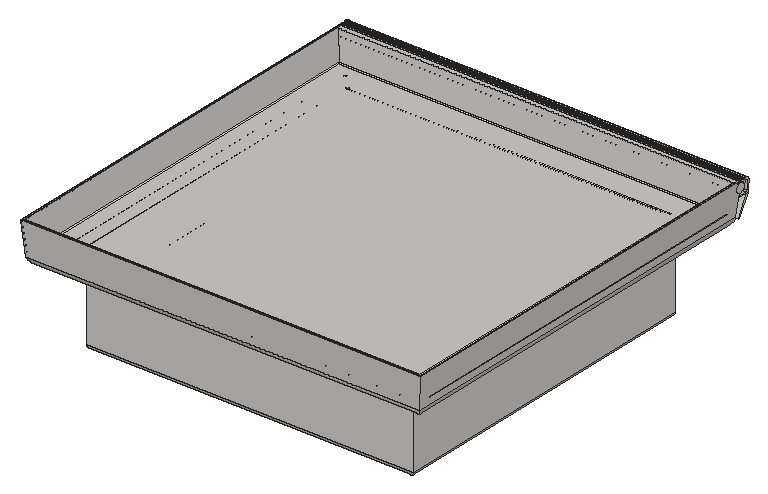
Revit family "NLRS_33_GM_FB_TC_STORAX_vloerluik_BV-GD-F90_BCB", category Generic Models, host Face, Revit 2014
Parameters (values of type "BV-GD-F90 66")
  vullen_met_beton = "ja"  # constant formula
  vergrendeling = "nee"  # constant formula
  uitwendige_lengte = 752 mm
  uitwendige_breedte = 735 mm
  sluiting = "0"  # constant formula
  scharnierend = "ja"  # constant formula
  rubberen_afdichting = "enkel"  # constant formula
  productgroep = "Vloerluiken"  # constant formula
  materiaal = bcb_staal
  inbouwhoogte [instance] = 75 mm
  geïsoleerd = "ja"  # constant formula
  gewicht = "32"
  gasveer 2 = no
  gasdrukveer = "ja"  # constant formula
  brandwerend 90 min = "ja"  # constant formula
  binnenmaat_lengte = uitwendige_lengte - 152 mm  # 600 mm
  binnenmaat_breedte = uitwendige_breedte - 135 mm  # 600 mm
  binnenluik = "tbv betonvulling"  # constant formula
  belasting = "125 kN"  # constant formula
  URL = ""
  Model = "BV"  # constant formula
  Manufacturer = "Storax"  # constant formula
  Default Elevation = 0 mm  # constant formula
Types (8, lengths in mm): name | uitwendige_lengte | uitwendige_breedte | gewicht | gasveer 2 | binnenmaat_lengte | binnenmaat_breedte
  (no name) | 752 | 735 | "32" | no | 600 | 600
  BV-GD-F90 66 | 752 | 735 | "32" | no | 600 | 600
  BV-GD-F90 86 | 752 | 935 | "39" | yes | 600 | 800
  BV-GD-F90 88 | 952 | 935 | "45" | yes | 800 | 800
  BV-GD-F90 106 | 752 | 1135 | "46" | yes | 600 | 1000
  BV-GD-F90 108 | 952 | 1135 | "51" | yes | 800 | 1000
  BV-GD-F90 110 | 952 | 1135 | "58" | yes | 800 | 1000
  maatwerk | 752 | 735 | "0" | yes | 600 | 600
Reference planes
  plane 1 "Center (Front/Back)": y = 0
  plane 2: z = 0
  plane 3 "Center (Left/Right)": x = 0
  plane 4: y = 367.5
  plane 5: y = -367.5
  plane 6: x = 367.5
  plane 7: x = -367.5
  plane 8: z = -75
  plane 9: x = -325.5
  plane 10: y = 325.5
  plane 11: y = -325.5
  plane 12: x = 325.5
  plane 13: x = -205.5
  plane 14: x = 205.5
  plane 15: y = -205.5
  plane 16: y = 205.5
  plane 17 "o.k. luik": z = -53.988
  plane 18: y = 300
  plane 19: x = -299.5
  plane 20: x = 299.5
  plane 21: y = 365.4
  plane 22: y = 360.5
  plane 23: y = 384.5
  plane 24: x = -296.9
  plane 25: x = 296.9
  plane 26: y = -295.4
  plane 27: y = 297.4
  plane 28: x = -216
  plane 29: x = 216
Forms (mm)
  Sweep 1, solid, material "bcb_staal" <- "materiaal", detail levels medium+fine
    path origin (0, 0, 0) x (1, 0, 0) y (0, 1, 0)
      loop
        line (-367.5, 367.5) -> (-367.5, -367.5) -> (367.5, -367.5) -> (367.5, 367.5) -> (-367.5, 367.5)
    profile origin (-367.5, 0, 0) x (-1, 0, 0) y (0, 0, 1)
      loop
        line (0, 0) -> (-2.01, 0) -> (-8.062, -60.739)
        arc (-8.062, -60.739) -> (-19.025, -71.913) -> (-32.302, -63.62) r 12.5
        line (-32.302, -63.62) -> (-34.724, -56.679)
        arc (-34.724, -56.679) -> (-38.41, -54.001) -> (-42.212, -56.51) r 4
        line (-42.212, -56.51) -> (-44.362, -61.868)
        arc (-44.362, -61.868) -> (-48.269, -64.946) -> (-52.899, -63.13) r 5
        line (-52.899, -63.13) -> (-56.64, -57.982)
        arc (-56.64, -57.982) -> (-63.349, -55.792) -> (-67.5, -61.5) r 6
        line (-67.5, -61.5) -> (-67.5, -75) -> (-65.5, -75) -> (-65.5, -61.5)
        arc (-65.5, -61.5) -> (-62.734, -57.695) -> (-58.262, -59.152) r 4
        line (-58.262, -59.152) -> (-54.667, -64.109)
        arc (-54.667, -64.109) -> (-48.142, -66.947) -> (-42.504, -62.607) r 7
        line (-42.504, -62.607) -> (-40.356, -57.255)
        arc (-40.356, -57.255) -> (-38.451, -56.001) -> (-36.61, -57.346) r 2
        line (-36.61, -57.346) -> (-34.19, -64.279)
        arc (-34.19, -64.279) -> (-18.789, -73.899) -> (-6.071, -60.938) r 14.5
        line (-6.071, -60.938) -> (0, 0)
  Sweep 2, solid, material "bcb_staal" <- "materiaal", detail levels medium+fine
    path origin (0, 0, 0) x (1, 0, 0) y (0, 1, 0)
      loop
        line (-367.5, 360.5) -> (-367.5, -367.5) -> (367.5, -367.5) -> (367.5, 360.5) -> (-367.5, 360.5)
    profile origin (-367.5, -3.5, 0) x (-1, 0, 0) y (0, 0, 1)
      loop
        line (-10.487, -50.628) -> (-2.484, 0) -> (-4.5, 0) -> (-12.438, -50.313)
        arc (-12.438, -50.313) -> (-13.121, -51.538) -> (-14.437, -52.024) r 2.024
        line (-14.437, -52.024) -> (-67.5, -52.024) -> (-67.5, -53.988) -> (-14.751, -53.988)
        arc (-14.751, -53.988) -> (-11.962, -53.142) -> (-10.487, -50.628) r 4
  Sweep 3, solid, material "bcb_staal" <- "materiaal", detail levels coarse
    path origin (0, 0, 0) x (1, 0, 0) y (0, 1, 0)
      loop
        line (-367.5, 360.5) -> (-367.5, -367.5) -> (367.5, -367.5) -> (367.5, 360.5) -> (-367.5, 360.5)
    profile origin (-367.5, -3.5, 0) x (-1, 0, 0) y (0, 0, 1)
      loop
        line (0, 0) -> (-4.5, 0) -> (-12.74, -52.024) -> (-67.5, -52.024) -> (-67.5, -75) -> (-7.473, -75) -> (0, 0)
  Extrusion 4, solid, material "bcb_staal" <- "materiaal", detail levels medium+fine
    sketch origin (0, 0, 0) x (1, 0, 0) y (0, 1, 0)
      loop
        line (-300, 300) -> (-300, -300) -> (300, -300) -> (300, 300) -> (-300, 300)
    from -53.988 to -52
  Extrusion 5, solid, material "bcb_staal" <- "materiaal", detail levels coarse
    sketch origin (0, 0, 0) x (1, 0, 0) y (0, 1, 0)
      loop
        line (-300, 293) -> (-300, -300) -> (300, -300) -> (300, 293) -> (-300, 293)
    from -75 to -52.024
  Extrusion 6, void
    sketch origin (0, 0, 0) x (1, 0, 0) y (0, 1, 0)
      loop
        line (-205.5, -205.5) -> (205.5, -205.5) -> (205.5, 205.5) -> (-205.5, 205.5) -> (-205.5, -205.5)
    from -500 to 10
  Sweep 7, void
    path origin (0, 0, 0) x (1, 0, 0) y (0, 1, 0)
      loop
        line (-367.5, 367.5) -> (-367.5, -367.5) -> (367.5, -367.5) -> (367.5, 367.5) -> (-367.5, 367.5)
    profile origin (-367.5, 0, 0) x (-1, 0, 0) y (0, 0, 1)
      loop
        line (0.498, 5) -> (-162, 5) -> (-162, -365) -> (-65.5, -365) -> (-65.5, -75) -> (-7.473, -75) -> (0.498, 5)
  Extrusion 8, solid, material "bcb_staal" <- "materiaal", detail levels medium+fine
    sketch origin (0, 0, 0) x (0, 1, 0) y (0, 0, 1)
      loop
        line (379.61, 0) -> (377.11, 0) -> (377.11, -2) -> (379.61, -2)
        arc (379.61, -2) -> (381.378, -2.732) -> (382.11, -4.5) r 2.5
        line (382.11, -4.5) -> (382.11, -21.5)
        arc (382.11, -21.5) -> (381.378, -23.268) -> (379.61, -24) r 2.5
        line (379.61, -24) -> (365.11, -24) -> (365.11, -26) -> (379.61, -26)
        arc (379.61, -26) -> (382.792, -24.682) -> (384.11, -21.5) r 4.5
        line (384.11, -21.5) -> (384.11, -4.5)
        arc (384.11, -4.5) -> (382.792, -1.318) -> (379.61, 0) r 4.5
    from -367.5 to 367.5
  Extrusion 9, solid, material "bcb_staal" <- "materiaal", detail levels medium+fine
    sketch origin (0, 0, 0) x (0, 1, 0) y (0, 0, 1)
      loop
        line (361.507, -60.04) -> (363.234, -61.048) -> (383.411, -26.51) -> (383.411, -23.909)
        arc (383.411, -23.909) -> (382.649, -24.819) -> (381.676, -25.498) r 4.5
        line (381.676, -25.498) -> (361.507, -60.04)
    from -367.5 to 367.5
  Extrusion 10, solid, material "bcb_staal" <- "materiaal", detail levels medium+fine
    sketch origin (0, 0, 0) x (0, 1, 0) y (0, 0, 1)
      loop
        circle (365.4, -11) r 8
    from -367.5 to 367.5
  Extrusion 11, solid, material "bcb_staal" <- "materiaal", detail levels coarse
    sketch origin (0, 0, -2) x (0, 1, 0) y (0, 0, 1)
      loop
        line (363.234, -61.048) -> (384.11, -25.313) -> (384.11, 2) -> (354.11, 2) -> (354.11, -73) -> (360.226, -73) -> (361.417, -61.048) -> (363.234, -61.048)
    from -367.5 to 367.5
  Sweep 12, void
    path origin (0, 0, 0) x (1, 0, 0) y (0, 1, 0)
      loop
        line (-367.5, 367.5) -> (367.5, 367.5)
    profile origin (0, 367.5, 0) x (0, 1, 0) y (0, 0, 1)
      loop
        line (16.61, 2) -> (-13.39, 2) -> (-13.39, -75) -> (-7.473, -75) -> (-6.083, -61.048) -> (-4.266, -61.048) -> (16.61, -25.313) -> (16.61, 2)
  Extrusion 13, solid, material "bcb_staal" <- "materiaal", detail levels medium+fine
    sketch origin (0, 0, 0) x (0, 1, 0) y (0, 0, 1)
      loop
        arc (370.504, -2) -> (372.979, -3.025) -> (374.004, -5.5) r 3.5
        line (374.004, -5.5) -> (374.004, -7) -> (376.004, -7) -> (376.004, -5.5)
        arc (376.004, -5.5) -> (374.393, -1.611) -> (370.504, 0) r 5.5
        line (370.504, 0) -> (356, 0) -> (355.683, -2) -> (370.504, -2)
    from -367.5 to 367.5
  Extrusion 14, solid, material "bcb_houtvezel"
    sketch origin (0, 0, 0) x (1, 0, 0) y (0, 1, 0)
      loop
        line (-296.9, 297.401) -> (-296.9, -295.4) -> (296.9, -295.4) -> (296.9, 297.401) -> (-296.9, 297.401)
    from -215 to -195
  Sweep 15, solid, material "bcb_staal" <- "materiaal"
    path origin (0, 0, 0) x (1, 0, 0) y (0, 1, 0)
      loop
        line (-367.5, 367.5) -> (-367.5, -367.5) -> (367.5, -367.5) -> (367.5, 367.5) -> (-367.5, 367.5)
    profile origin (-367.5, 0, 0) x (-1, 0, 0) y (0, 0, 1)
      loop
        line (-67.5, -212) -> (-67.5, -60) -> (-69.5, -60) -> (-69.5, -212)
        arc (-69.5, -212) -> (-70.379, -214.121) -> (-72.5, -215) r 3
        line (-72.5, -215) -> (-94.5, -215) -> (-94.5, -217) -> (-72.5, -217)
        arc (-72.5, -217) -> (-68.964, -215.536) -> (-67.5, -212) r 5
Cuts and joins
  joined: Sweep 2, Extrusion 4, Extrusion 13
  joined: Sweep 3, Extrusion 5
Text (mm)
  text "Indien u deze familie geopend hebt vanuit het project via Edit Family: Niet Opslaan!\n\nOpen de familie via File - Open Family om de familie aan te passen.\n\n\n\nMocht u zelf aanpassingen willen aanbrengen in een type van de family, \n\npak dan het type maatwerk en neem contact op met Storax." at (-0.374, 589.999, 0), in view "Ref. Level"
Dimensions and locks
  equal spacing: plane 7, plane 3 "Center (Left/Right)", plane 6
  "uitwendige_breedte": plane 7 to plane 6
  equal spacing: plane 4, plane 1 "Center (Front/Back)", plane 5
  locked: plane 4 to plane 10 at 42
  locked: plane 7 to plane 9 at 42
  locked: plane 12 to plane 6 at 42
  locked: plane 5 to plane 11 at 42
  locked: plane 9 to plane 13 at 120
  locked: plane 14 to plane 12 at 120
  locked: plane 15 to plane 11 at 120
  locked: plane 10 to plane 16 at 120
  locked: plane 10 to plane 18 at 25.5
  locked: plane 9 to plane 19 at 26
  locked: plane 20 to plane 12 at 26
  locked: plane 4 to plane 22 at 7
  locked: plane 23 to plane 4 at 17
  "uitwendige_lengte": plane 23 to plane 5
  locked: plane 19 to plane 24 at 2.6
  locked: plane 25 to plane 20 at 2.6
  locked: plane 11 to plane 26 at 30.1
  locked: plane 18 to plane 27 at 2.6
  locked: plane 24 to plane 28 at 80.9
  locked: plane 29 to plane 25 at 80.9
  locked: plane 22 to plane 21 at 4.9
  aligned and locked: plane 2 to host face
  aligned and locked: level to host face
  aligned and locked: Sweep 1 sketch curve to plane 4
  aligned and locked: plane 7 to Sweep 1 sketch curve
  aligned and locked: plane 5 to Sweep 1 sketch curve
  aligned and locked: Sweep 1 sketch curve to plane 6
  aligned and locked: Sweep 2 sketch curve to Sweep 1  (x2)
  aligned and locked: Sweep 1 to Sweep 2 sketch curve
  aligned and locked: Sweep 3 sketch curve to Sweep 1  (x2)
  aligned and locked: Sweep 1 to Sweep 3 sketch curve
  aligned and locked: Extrusion 4 sketch curve to Sweep 1  (x4)
  aligned and locked: Extrusion 5 sketch curve to Sweep 3  (x2)
  aligned and locked: Extrusion 5 sketch curve to Sweep 1
  aligned and locked: Sweep 1 to Extrusion 5 sketch curve
  aligned and locked: Extrusion 6 to plane 16
  aligned and locked: Extrusion 6 to plane 14
  aligned and locked: Extrusion 6 to plane 15
  aligned and locked: Extrusion 6 to plane 13
  aligned and locked: Sweep 7 sketch curve to plane 4
  aligned and locked: Sweep 7 sketch curve to plane 6
  aligned and locked: plane 5 to Sweep 7 sketch curve
  aligned and locked: plane 7 to Sweep 7 sketch curve
  aligned and locked: plane 7 to Sweep 12 sketch curve
  aligned and locked: plane 6 to Sweep 12 sketch curve
  aligned and locked: Sweep 2 sketch curve to plane 22
  aligned and locked: Sweep 3 sketch curve to plane 22
  aligned and locked: cut or joined group of Sweep 2, Extrusion 4, Extrusion 13 to plane 7
  aligned and locked: plane 6 to cut or joined group of Sweep 2, Extrusion 4, Extrusion 13
  aligned and locked: plane 6 to Extrusion 10
  aligned and locked: plane 6 to Extrusion 8
  aligned and locked: plane 6 to Extrusion 9
  aligned and locked: Extrusion 8 to plane 7
  aligned and locked: Extrusion 10 to plane 7
  aligned and locked: Extrusion 9 to plane 7
  aligned and locked: Extrusion 11 to plane 7
  aligned and locked: plane 6 to Extrusion 11
  aligned and locked: Extrusion 14 sketch curve to plane 26
  aligned and locked: plane 25 to Extrusion 14 sketch curve
  aligned and locked: plane 24 to Extrusion 14 sketch curve
  aligned and locked: Sweep 15 sketch curve to Extrusion 11
  aligned and locked: Sweep 15 sketch curve to Sweep 1  (x2)
  aligned and locked: Sweep 15 sketch curve to plane 4
  aligned and locked: nested 1 to Sweep 15
  aligned and locked: plane 28 to nested 1
  aligned and locked: nested 2 to plane 29
  aligned and locked: Sweep 15 to nested 2
Automatic sketch dimensions
  host sketch curve to host sketch curve = 2000 mm  (x2)
  Sweep 1 sketch curve to profile plane = 0 mm
  profile plane to Sweep 1 sketch curve = 6.071 mm
  Sweep 1 sketch curve to Sweep 1 sketch curve = 1.99 mm
  Sweep 1 sketch curve to Sweep 1 sketch curve = 12.438 mm
  Sweep 1 sketch curve to Sweep 1 sketch curve = 0 mm  (x6)
  Sweep 1 sketch curve to Sweep 1 sketch curve = 11.802 mm
  Sweep 1 sketch curve to Sweep 1 sketch curve = 1.888 mm
  Sweep 1 sketch curve to Sweep 1 sketch curve = 2.423 mm
  Sweep 1 sketch curve to Sweep 1 sketch curve = 1.886 mm
  Sweep 1 sketch curve to Sweep 1 sketch curve = 1.89 mm
  Sweep 1 sketch curve to Sweep 1 sketch curve = 1.856 mm  (x2)
  Sweep 1 sketch curve to Sweep 1 sketch curve = 2.147 mm
  Sweep 1 sketch curve to Sweep 1 sketch curve = 1.858 mm
  Sweep 1 sketch curve to Sweep 1 sketch curve = 4.638 mm
  Sweep 1 sketch curve to Sweep 1 sketch curve = 3.899 mm
  Sweep 1 sketch curve to Sweep 1 sketch curve = 1.768 mm
  Sweep 1 sketch curve to Sweep 1 sketch curve = 3.741 mm
  Sweep 1 sketch curve to Sweep 1 sketch curve = 1.622 mm
  Sweep 1 sketch curve to Sweep 1 sketch curve = 3.238 mm
  Sweep 1 sketch curve to Sweep 1 sketch curve = 4 mm
  Sweep 1 sketch curve to Sweep 1 sketch curve = 2 mm
  Sweep 1 sketch curve to level = 56.51 mm
  Sweep 1 sketch curve to Sweep 1 sketch curve = 0.169 mm
  Sweep 1 sketch curve to Sweep 1 sketch curve = 0.745 mm
  Sweep 1 sketch curve to Sweep 1 sketch curve = 0.654 mm
  Sweep 1 sketch curve to Sweep 1 sketch curve = 1.471 mm
  Sweep 1 sketch curve to Sweep 1 sketch curve = 1.17 mm
  Sweep 1 sketch curve to Sweep 1 sketch curve = 2.821 mm
  Sweep 1 sketch curve to Sweep 1 sketch curve = 3.49 mm
  Sweep 1 sketch curve to Sweep 1 sketch curve = 1.239 mm
  Sweep 1 sketch curve to Sweep 1 sketch curve = 0.198 mm
  Sweep 1 sketch curve to Sweep 1 sketch curve = 1.867 mm
  Sweep 1 sketch curve to Sweep 1 sketch curve = 0.739 mm
  Sweep 1 sketch curve to Sweep 1 sketch curve = 13.5 mm
  profile plane to Sweep 1 sketch curve = 2.01 mm
  Sweep 1 sketch curve to Sweep 1 sketch curve = 60.938 mm
  Sweep 2 sketch curve to level = 0 mm
  profile plane to Sweep 2 sketch curve = 14.751 mm
  Sweep 2 sketch curve to Sweep 2 sketch curve = 0.313 mm  (x2)
  Sweep 2 sketch curve to Sweep 2 sketch curve = 0 mm  (x2)
  Sweep 2 sketch curve to Sweep 2 sketch curve = 1.95 mm
  Sweep 2 sketch curve to Sweep 2 sketch curve = 0.315 mm
  Sweep 2 sketch curve to Sweep 2 sketch curve = 53.063 mm
  profile plane to Sweep 2 sketch curve = 4.5 mm
  Sweep 2 sketch curve to Sweep 2 sketch curve = 2.016 mm
  Sweep 2 sketch curve to level = 52.024 mm
  Sweep 2 sketch curve to Sweep 2 sketch curve = 1.963 mm
  Sweep 3 sketch curve to level = 0 mm
  Sweep 3 sketch curve to profile plane = 0 mm
  profile plane to Sweep 3 sketch curve = 4.5 mm
  profile plane to Sweep 3 sketch curve = 12.74 mm
  Sweep 3 sketch curve to Sweep 3 sketch curve = 54.76 mm
  Sweep 3 sketch curve to level = 52.024 mm
  profile plane to Sweep 3 sketch curve = 7.473 mm
  Sweep 3 sketch curve to Sweep 3 sketch curve = 22.976 mm
  Extrusion 6 sketch curve to plane 11 = 120 mm
  Extrusion 6 sketch curve to plane 1 "Center (Front/Back)" = 205.5 mm
  Extrusion 6 sketch curve to plane 13 = 0 mm
  Extrusion 6 sketch curve to plane 14 = 0 mm
  level to Sweep 7 sketch curve = 5 mm
  profile plane to Sweep 7 sketch curve = 162 mm
  profile plane to Sweep 7 sketch curve = 65.5 mm
  profile plane to Sweep 7 sketch curve = 7.473 mm
  Sweep 7 sketch curve to profile plane = 0.498 mm
  Sweep 7 sketch curve to level = 75 mm
  Sweep 7 sketch curve to Sweep 7 sketch curve = 290 mm
  Extrusion 8 sketch curve to Extrusion 8 sketch curve = 0 mm  (x4)
  Extrusion 8 sketch curve to level = 0 mm
  Extrusion 8 sketch curve to plane 4 = 2.39 mm
  plane 4 to Extrusion 8 sketch curve = 9.61 mm
  Extrusion 8 sketch curve to Extrusion 8 sketch curve = 2.5 mm  (x2)
  plane 4 to Extrusion 8 sketch curve = 12.11 mm
  Extrusion 8 sketch curve to Extrusion 8 sketch curve = 2 mm
  Extrusion 8 sketch curve to Extrusion 8 sketch curve = 17 mm
  Extrusion 8 sketch curve to Extrusion 8 sketch curve = 0.001 mm
  Extrusion 9 sketch curve to plane 4 = 5.993 mm
  Extrusion 9 sketch curve to Extrusion 9 sketch curve = 1.727 mm
  plane 17 "o.k. luik" to Extrusion 9 sketch curve = 7.061 mm
  Extrusion 9 sketch curve to Extrusion 9 sketch curve = 1.009 mm
  plane 4 to Extrusion 9 sketch curve = 14.176 mm
  Extrusion 9 sketch curve to Extrusion 9 sketch curve = 1.735 mm
  Extrusion 9 sketch curve to level = 26.51 mm
  Extrusion 9 sketch curve to Extrusion 9 sketch curve = 1.012 mm
  Extrusion 9 sketch curve to Extrusion 9 sketch curve = 1.589 mm
  Extrusion 9 sketch curve to Extrusion 9 sketch curve = 2.066 mm
  Extrusion 10 sketch curve to plane 21 = 0 mm
  Sweep 12 sketch curve to plane 4 = 0 mm
  Extrusion 10 sketch curve to level = 11 mm
  Extrusion 11 sketch curve to level = 0 mm
  Extrusion 11 sketch curve to plane 22 = 6.39 mm
  plane 22 to Extrusion 11 sketch curve = 0.917 mm
  Extrusion 11 sketch curve to Extrusion 11 sketch curve = 1.817 mm
  plane 4 to Extrusion 11 sketch curve = 16.61 mm
  Extrusion 11 sketch curve to level = 27.313 mm
  plane 17 "o.k. luik" to Extrusion 11 sketch curve = 9.061 mm
  Extrusion 11 sketch curve to plane 22 = 0.274 mm
  Extrusion 11 sketch curve to plane 8 = 0 mm
  Extrusion 13 sketch curve to level = 0 mm
  plane 4 to Extrusion 13 sketch curve = 3.004 mm
  Extrusion 13 sketch curve to plane 22 = 4.817 mm
  Extrusion 13 sketch curve to Extrusion 13 sketch curve = 0.317 mm
  Extrusion 13 sketch curve to Extrusion 13 sketch curve = 0 mm  (x2)
  Extrusion 13 sketch curve to Extrusion 13 sketch curve = 2 mm
  Extrusion 13 sketch curve to level = 5.5 mm
  Extrusion 13 sketch curve to Extrusion 13 sketch curve = 1.5 mm
  level to Sweep 12 sketch curve = 2 mm
  profile plane to Sweep 12 sketch curve = 13.39 mm
  Sweep 12 sketch curve to Sweep 12 sketch curve = 5.917 mm
  profile plane to Sweep 12 sketch curve = 6.083 mm
  Sweep 12 sketch curve to Sweep 12 sketch curve = 1.817 mm
  Sweep 12 sketch curve to profile plane = 16.61 mm
  Sweep 12 sketch curve to level = 25.313 mm
  Sweep 12 sketch curve to Sweep 12 sketch curve = 35.736 mm
  Sweep 12 sketch curve to Sweep 12 sketch curve = 13.952 mm
  Sweep 15 sketch curve to Sweep 15 sketch curve = 0 mm  (x6)
  profile plane to Sweep 15 sketch curve = 94.5 mm
  Sweep 15 sketch curve to Sweep 15 sketch curve = 22 mm
  Sweep 15 sketch curve to level = 217 mm
  Sweep 15 sketch curve to Sweep 15 sketch curve = 2 mm  (x3)
  Sweep 15 sketch curve to Sweep 15 sketch curve = 3 mm  (x2)
  profile plane to Sweep 15 sketch curve = 69.5 mm
  Sweep 15 sketch curve to level = 60 mm
  plane 27 to Extrusion 14 sketch curve = 0.001 mm
  radius of Extrusion 10 sketch curve = 8 mm
Nested families
  nested 1: "NLRS_33_GM_FB_TC_STORAX_vloerluik_BV-GD_Thermo_BCB_Gasveer" at (-282, 302, 0), type "NLRS_33_GM_FB_TC_STORAX_vloerluik_BV-GD_Thermo_BCB_Gasveer"
  nested 2: "NLRS_33_GM_FB_TC_STORAX_vloerluik_BV-GD_Thermo_BCB_Gasveer" at (282, 302, 0) x (-1, 0, 0) z (0, 0, 1), visible <- "gasveer 2", type "NLRS_33_GM_FB_TC_STORAX_vloerluik_BV-GD_Thermo_BCB_Gasveer"
Definition of nested family "NLRS_33_GM_FB_TC_STORAX_vloerluik_BV-GD_Thermo_BCB_Gasveer"
  Parameters (values of type "NLRS_33_GM_FB_TC_STORAX_vloerluik_BV-GD_Thermo_BCB_Gasveer")
    materiaal = bcb_staal
    gasveer hoek = no
    Default Elevation = 1219.2 mm
  Reference planes
    plane 1 "Center (Front/Back)": y = 0
    plane 2: z = 0
    plane 3 "Center (Left/Right)": x = 0
    plane 4: x = 66
    plane 5: through (0, -445.808, -79.195) normal (0, 0.1672, 0.9859)
  Forms (mm)
    Extrusion 1, solid
      sketch origin (0, 0, 0) x (1, 0, 0) y (0, 1, 0)
        loop
          line (-250, 250) -> (-250, -250) -> (-109.552, -250) -> (-109.552, 250) -> (-250, 250)
      from 0 to -100
    Extrusion 2, solid, material "bcb_rvs", detail levels fine
      sketch origin (0, 0, -54) x (0, 1, 0) y (0, 0, 1)
        loop
          line (-525.808, -0.198) -> (-525.808, -5.499) -> (-435.808, -5.499) -> (-435.808, -0.198) -> (-525.808, -0.198)
      from 37 to 68.5
    Extrusion 3, solid, material "bcb_rvs", detail levels fine
      sketch origin (0, 0, -54) x (0, 1, 0) y (0, 0, 1)
        loop
          line (-510.808, -40.195) -> (-450.808, -40.195)
          arc (-450.808, -40.195) -> (-440.201, -35.802) -> (-435.808, -25.195) r 15
          line (-435.808, -25.195) -> (-435.808, -0.198) -> (-525.808, -0.198) -> (-525.808, -25.195)
          arc (-525.808, -25.195) -> (-521.415, -35.802) -> (-510.808, -40.195) r 15
      from 63.5 to 68.5
    Revolve 4, solid, material "bcb_rvs", detail levels fine
      sketch origin (66, -142.471, 238.108) x (0, 1, 0) y (0, 0, 1)
        loop
          line (-262.396, -315.116) -> (-277.185, -312.609) -> (-278.689, -321.482) -> (90.822, -384.128) -> (92.327, -375.254) -> (77.538, -372.747) -> (77.203, -374.719) -> (64.599, -372.582) -> (65.094, -369.662)
          arc (65.094, -369.662) -> (64.405, -366.649) -> (61.788, -365.005) r 4.038
          line (61.788, -365.005) -> (-257.616, -310.855)
          arc (-257.616, -310.855) -> (-260.601, -311.537) -> (-262.229, -314.13) r 4
          line (-262.229, -314.13) -> (-262.396, -315.116)
        axis (-278.689, -321.482) -> (90.822, -384.128)
      angle from 0 to 360
    Extrusion 5, solid, material "bcb_rvs", detail levels fine
      sketch origin (0, 0, -54) x (0, 1, 0) y (0, 0, 1)
        loop
          line (-452.409, -34.219) -> (-422.831, -39.233) -> (-419.488, -19.515) -> (-449.066, -14.5)
          arc (-449.066, -14.5) -> (-460.597, -22.688) -> (-452.409, -34.219) r 10
      from 55 to 77
    Extrusion 6, solid, material "bcb_rvs", detail levels fine
      sketch origin (0, 0, -54) x (0, 1, 0) y (0, 0, 1)
        loop
          line (-49.977, -82.16) -> (-53.32, -101.879) -> (-23.742, -106.893)
          arc (-23.742, -106.893) -> (-12.211, -98.706) -> (-20.399, -87.175) r 10
          line (-20.399, -87.175) -> (-49.977, -82.16)
      from 55 to 77
    Extrusion 7, solid, material "bcb_rvs", detail levels fine
      sketch origin (0, 0, -54) x (0, 1, 0) y (0, 0, 1)
        loop
          line (-9, -77.198) -> (-23, -77.198)
          arc (-23, -77.198) -> (-33.607, -81.592) -> (-38, -92.198) r 15
          line (-38, -92.198) -> (-38, -100.198)
          arc (-38, -100.198) -> (-33.607, -110.805) -> (-23, -115.198) r 15
          line (-23, -115.198) -> (-9, -115.198) -> (-9, -77.198)
      from 63.5 to 68.5
    Extrusion 8, solid, material "bcb_rvs", detail levels fine
      sketch origin (0, 0, -54) x (0, 1, 0) y (0, 0, 1)
        loop
          line (-9, -77.198) -> (-9, -115.198) -> (-4, -115.198) -> (-4, -77.198) -> (-9, -77.198)
      from 37 to 68.5
    Sweep 9, solid, material "bcb_rvs", detail levels coarse+medium
      path origin (0, 0, 0) x (0, 1, 0) y (0, 0, 1)
        loop
          line (-460.597, -76.688) -> (-12.211, -152.706)
      profile origin (0, -236.404, -114.697) x (0, 0.167151, 0.985931) y (1, 0, 0)
        loop
          circle (0, 66) r 14
  Cuts and joins
    joined: Extrusion 2, Extrusion 3
    joined: Extrusion 7, Extrusion 8
  Dimensions and locks
    aligned and locked: plane 2 to Extrusion 1
    aligned and locked: level to Extrusion 1
